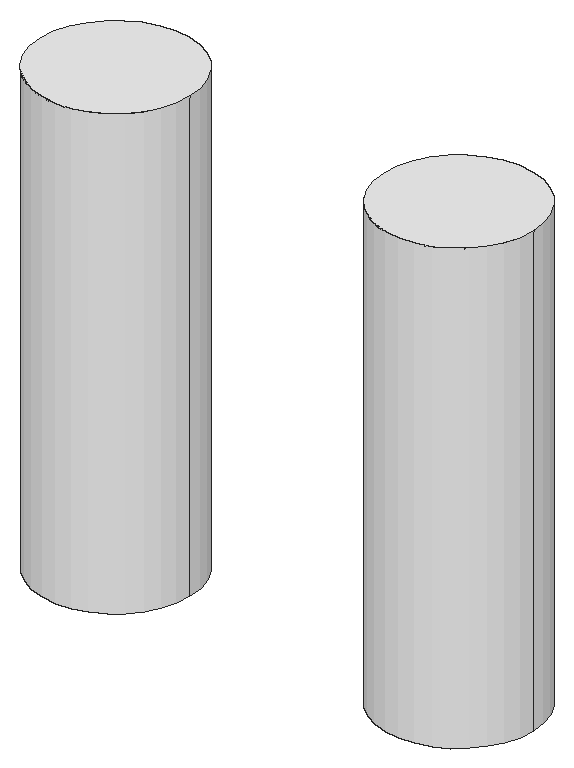
Revit family "090522830004(2022)", category Plumbing Fixtures, Revit 2018
Family settings
  Round Connector Dimension = Use Diameter
  Part Type = Normal
  OmniClass Number = 23.45.55.00
  OmniClass Title = Sanitary Faucets, Wastes
  Work Plane-Based = No
  Always vertical = Yes
  Cut with Voids When Loaded = No
  Shared = No
  Room Calculation Point = No
Parameters (values of type "090522830004 Washbasin faucet ")
  WorkingPressure = "50 - 1000 kPa"
  Working Pressure = "50 - 1000 kPa"
  WarrantyStartDate [instance] = "n/a"
  WarrantyGuarantorParts = "n/a"
  WarrantyGuarantorLabor = "n/a"
  WarrantyDurationUnit = "Year"
  WarrantyDurationParts = "n/a"
  WarrantyDurationLabor = "n/a"
  WarrantyDescription = "http://warranty.hansa.com"
  Warranty Information URL = "http://warranty.hansa.com"
  VersionDate = "01/07/2022"
  Version = "2"  # constant formula
  ValvePattern = "n/a"
  ValveOperation = "n/a"
  ValveMechanism = "n/a"
  Uniclass2015Reference = "Pr_40_20_87_96"
  Uniclass2015Description = "Washbasin manual water supply sets"
  Uniclass2 = "Pr_40_30_96_96"
  URL REACH = "http://static.hansa.com/doc/reach"
  URL KIWA = "http://static.hansa.com/Kiwa/090522830004"
  URL Declaration of Conformity = "http://static.hansa.com/DoC/090522830004"
  URL DVGW = "http://static.hansa.com/DVGW/090522830004"
  URL ABP = "http://static.hansa.com/ABP/090522830004"
  URL = ""
  UNSPSC Class Number = "30181700 Faucets or taps"
  TestPressure = "n/a"
  Temperature Adjustments = "Limitation option for maximum temperature and flow-rate ;Adjustable hot water stop (included, retrofittable)"
  Technical DataSheet URL = "http://www.hansa.com/datasheet/090522830004/en"
  TagNumber [instance] = "n/a"
  SustainabilityPerformance = "n/a"
  Surface treatment = "Chrome"
  Spout Type = "Fixed spout"
  Spout Projection = "121 mm"
  Spare-Part Information URL = "http://static.hansa.com/sp/090522830004"
  Size = "50x155x145 mm"
  Shape = "Sculptured"
  SerialNumber [instance] = "n/a"
  Sales Package dimensions (LxWxH) = "380 x 180 x 74"
  Revision = "2"  # constant formula
  ReplacementCost = "n/a"
  ProductInformation = "n/a"
  Product URL = "http://static.hansa.com/090522830004"
  Product Image URL = "http://static.hansa.com/image/090522830004"
  Product Family = "HANSATWIST Eco"
  Product Code = "090522830004"
  OperatingMechanismMaterial = "n/a"
  NominalWidth = 48.471 mm
  NominalHeight = 142.775 mm
  NominalDepth = 156.697 mm
  Noise Class = "I (ISO 3822)"
  Name_en = "090522830004 Washbasin faucet"
  Name = "090522830004 Washbasin faucet"
  NBSReference = "45-35-70/371"
  NBSDescription = "Water supply fittings for wash basins and troughs"
  Mounting Holes = "1 hole"
  ModelReference = "090522830004"
  ModelNumber = "n/a"
  Model = "090522830004 Washbasin faucet"
  Mobile Product Information URL = "http://mpi.hansa.com/090522830004"
  Mechanical Parts = "ø 35 mm ceramic cartridge for flow and temperature control"
  Max. Hot Water Supply = 70 °C
  Material = "Brass"
  Market = "International;Germany;Austria;Belgium;Netherlands;Czech Republic;Slovakia;Hungary"
  ManufacturerURL = "http://www.hansa.com"
  ManufacturerName = "HANSA"
  Manufacturer = "HANSA"
  Lever Handle = "Single operating lever/handle;Hot/Cold symbols"
  Keynote = ""
  Interactive AR View URL = "https://static.hansa.com/AR/090522830004"
  InstallationDate [instance] = "n/a"
  Installation and Maintenance Guide URL = "http://static.hansa.com/manual/090522830004"
  Installation Type = "Deck mounted"
  InletConnectionSize = 10 mm
  IfcExportType = "FAUCET"  # constant formula
  IfcExportAs = "IfcValveType"  # constant formula
  Group = "Washbasin faucet"
  Grade = "n/a"
  FlowCoefficient = 0
  Flow Rate At 300kPa With Flow Controller = 0.56 L/s
  Flow Drawing URL = "http://static.hansa.com/flowchart/090522830004"
  Finish = "Polished"
  Features = "Single-lever"
  FaucetMainMaterial = Brass
  FDV Document URL = "http://www.hansa.com/datasheet/090522830004/en/fdv"
  ExpectedLife = "n/a"
  Excluded Items = "Without pop-up waste;Without draw-rod opening"
  ETIM Class Number = "EC011328 Washbasin mixing tap"
  EN Standard = "EN 817"
  EAN Number = "4057304018299"
  DurationUnit = "Year"
  Dimension Drawing URL = "http://static.hansa.com/dimdrw/090522830004"
  Description = ""
  DefaultElevation [instance] = 900 mm
  Constituents = "n/a"
  Connection Size = "G3/8"
  Connection = "Flexible inlet pipes"
  Color = "Black Matt"
  CodePerformance = "n/a"
  CloseOffRating = 0
  Catalog Drawing URL = "http://static.hansa.com/catdrw/090522830004"
  Brand = "HANSA"
  BodyMaterial = "Brass"
  Barcode [instance] = "n/a"
  Backflow Prevention EN1717 = "AA"
  BIMObjectName = "090522830004(2022)"
  Author = "BIMStone"
  AssetType = "Fixed"
  AssetIdentifier [instance] = "n/a"
  Approval KIWA = "K6116/08"
  Approval DVGW = "NW-6506CQ0410"
  Approval ABP = "P-IX 29261/IA"
  Aerator = "PCA® - constant flow rate regardless of pressure variations"
  Advanced Features = "Inner body made of DZR brass;Rapid installation system"
  AccessibilityPerformance = "n/a"
  3D View = "https://static.hansa.com/3D/090522830004"
  2D/3D/BIM Files URL = "http://static.hansa.com/bim/090522830004"
Reference planes
  plane 1 "Center (Front/Back)": y = 0
  plane 2: z = 0
  plane 3 "Center (Left/Right)": x = 0
  plane 4: x = -24.236
  plane 5: z = 900
  plane 6: z = 870
  plane 7: y = -156.697
  plane 8: x = 24.236
  plane 9: z = 1042.775
Forms (mm)
  Extrusion 1, solid, material "Brass" <- "FaucetMainMaterial"
    sketch origin (0, -1.121, 0) x (1, 0, 0) y (0, 1, 0)
      loop
        circle (-11.5, -22.5) r 5
      loop
        circle (11.5, -22.5) r 5
    from 870 to 900
Dimensions and locks
  "DefaultElevation": plane 5 to level
  locked: plane 5 to plane 6 at 30
  "NominalDepth": plane 7 to plane 1 "Center (Front/Back)"
  equal spacing: plane 4, plane 3 "Center (Left/Right)", plane 8
  "NominalHeight": plane 9 to plane 5
  "NominalWidth": plane 4 to plane 8
  "InletConnectionSize": diameter of Extrusion 1 sketch curve  (x2)
  aligned and locked: level to plane 2
  aligned and locked: plane 5 to Extrusion 1
  aligned and locked: Extrusion 1 to plane 6
  aligned and locked: nested 2 to plane 5
Automatic sketch dimensions
  Extrusion 1 sketch curve to plane 3 "Center (Left/Right)" = 11.5 mm
  plane 3 "Center (Left/Right)" to Extrusion 1 sketch curve = 11.5 mm
  plane 1 "Center (Front/Back)" to Extrusion 1 sketch curve = 23.621 mm
  Extrusion 1 sketch curve to Extrusion 1 sketch curve = 0 mm
Nested families
  nested 1: "Symbol" at (0, 0, 0), type "Symbol", detail levels coarse
  nested 2: "090522830004(2022)_p" at (0, 0, 900), Material <- "FaucetMainMaterial", type "090522830004(2022)_p"
    with Material Brass
Connectors
  piping at (-11.5, -23.621, 870), diameter 10, driven by "InletConnectionSize"
    settings: on Extrusion 1, index 1, connector inside diameter 609.6 mm, connector length 0 mm, flow factor 0, pipe flow 0.0 L/s, pressure drop 0.0 Pa, fitting loss kfactor 0, connector angle 0.00°, fixture units 0, engagement length 0 mm, angle of deflection 0.00°, flow configuration 1, flow direction 1, fitting loss method 0, system type 19, joint type 0, gender type 0, connector reference index -1, connector utility 0, adjustable connector no, is connector primary yes, connector description ""
  piping at (11.5, -23.621, 870), diameter 10, driven by "InletConnectionSize"
    settings: on Extrusion 1, index 2, connector inside diameter 609.6 mm, connector length 0 mm, flow factor 0, pipe flow 0.0 L/s, pressure drop 0.0 Pa, fitting loss kfactor 0, connector angle 0.00°, fixture units 0, engagement length 0 mm, angle of deflection 0.00°, flow configuration 1, flow direction 1, fitting loss method 0, system type 20, joint type 0, gender type 0, connector reference index -1, connector utility 0, adjustable connector no, is connector primary no, connector description ""
Definition of nested family "Symbol"
  Reference planes
    plane 1: y = 0
    plane 2: x = 0
  Lines and regions (mm)
    detail lines
      curve 1: line (0, 0, 0) -> (0, -1.8, 0)
      curve 2: line (-0.4, -1.1, 0) -> (0.4, -1.1, 0)
      curve 3: line (-0.4, -1.4, 0) -> (0.4, -1.4, 0)
      curve 4: line (0.863, 0, 0) -> (-0.863, 0, 0)
      curve 5: circle (-1.163, 0, 0) r 0.3 normal (0, 0, -1)
      curve 6: circle (1.163, 0, 0) r 0.3 normal (0, 0, 1)
